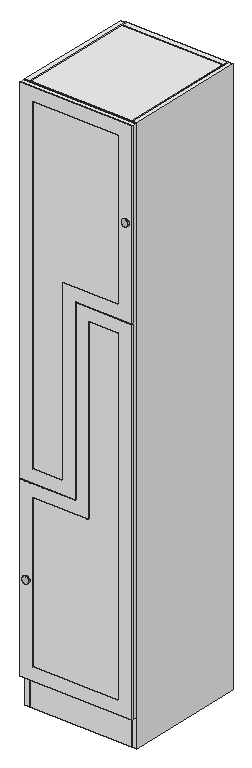
Revit family "Lockin Lockers AU_Custom Steel Locker_R22", category Furniture, Revit 2022
Family settings
  OmniClass Number = 23.40.20.27
  OmniClass Title = Storage Shelving
  Work Plane-Based = Yes
  Always vertical = Yes
  Cut with Voids When Loaded = No
  Render Appearance Source = Family Geometry
  Shared = Yes
  Room Calculation Point = No
Parameters (values of type "Custom Steel Wave door (CSL2)")
  vis_Door 8 = if(N_Doors > 7, 1 = 1, 1 = 0)  # no
  vis_Door 7 = if(N_Doors > 6, 1 = 1, 1 = 0)  # no
  vis_Door 6 = if(N_Doors > 5, 1 = 1, 1 = 0)  # no
  vis_Door 5 = if(N_Doors > 4, 1 = 1, 1 = 0)  # no
  vis_Door 4 = if(N_Doors > 3, 1 = 1, 1 = 0)  # no
  vis_Door 3 = if(N_Doors > 2, 1 = 1, 1 = 0)  # no
  vis_Door 2 = if(N_Doors > 1, 1 = 1, 1 = 0)  # no
  vis_Door 1 = if(N_Doors > 0, 1 = 1, 1 = 0)  # yes
  Width Control = if(Desired Width > Maximum Width, Maximum Width, if(Desired Width < Minimum Width, Minimum Width, Desired Width))  # 400 mm
  URL = "https://www.lockin.com.au/lockers/custom-steel-lockers/csl2-locker"
  TH Wall = 18 mm  # constant formula
  N_Doors = 1
  Locker Joint = 3 mm  # constant formula
  Height Control = if(Desired Height > Maximum Height, Maximum Height, if(Desired Height < Minimum Height, Minimum Height, Desired Height))  # 2000 mm
  Minimum Width = 300 mm  # constant formula
  Minimum Height = 400 mm  # constant formula
  Minimum Depth = 200 mm  # constant formula
  Maximum Width = 600 mm  # constant formula
  Maximum Height = 2000 mm  # constant formula
  Maximum Depth = 600 mm  # constant formula
  LH Door Swing [instance] = not(RH Door Swing)  # no
  Model = "CSL2"
  Manufacturer = "Lockin Lockers AU"  # constant formula
  RH Door Swing [instance] = yes
  H Locker = ((Height Control - Base Height Control) / (N_Doors)) - ((Locker Joint * (N_Doors - 1)) / N_Doors)  # 1900 mm
  Door Type = Lockin_Locker Door_Steel_R22 : Steel Locker/Wave
  Door Material = Material - Welded Steel - Oven-Baked Powdercoat
  Desired Base Height = 100 mm
  Description = "Custom Steel Wave door"
  Depth Control = if(Desired Depth > Maximum Depth, Maximum Depth, if(Desired Depth < Minimum Depth, Minimum Depth, Desired Depth))  # 450 mm
  Default Elevation = 0 mm  # constant formula
  Desired Height = 2100 mm
  Desired Depth = 450 mm
  Desired Width = 400 mm
  Body/Frame Material = Material - Welded Steel - Oven-Baked Powdercoat
  Minimum Base Height = 100 mm  # constant formula
  Maximum Base Height = 100 mm  # constant formula
  Base Height Control = if(Desired Base Height > Maximum Base Height, Maximum Base Height, if(Desired Base Height < Minimum Base Height, Minimum Base Height, Desired Base Height))  # 100 mm
  Assembly Code = ""
Types (8, lengths in mm): name | vis_Door 8 | vis_Door 7 | vis_Door 6 | vis_Door 5 | vis_Door 4 | vis_Door 3 | vis_Door 2 | URL | N_Doors | Model | H Locker | Door Type | Description
  (no name) | no | no | no | no | no | no | no | "https://www.lockin.com.au/lockers/custom-steel-lockers/csl2-locker" | 1 | "CSL2" | 1900 | Lockin_Locker Door_Steel_R22 : Steel Locker/Wave | "Custom Steel Wave door"
  Custom Steel 8 door (CS8) | yes | yes | yes | yes | yes | yes | yes | "https://www.lockin.com.au/lockers/custom-steel-lockers/cs8-locker" | 8 | "CS8" | 234.875 | Lockin_Locker Door_Steel_R22 : Steel Locker/Full Pattern | "Custom Steel 8 door"
  Custom Steel 3 door (CS3) | no | no | no | no | no | yes | yes | "https://www.lockin.com.au/lockers/custom-steel-lockers/cs3-locker" | 3 | "CS3" | 631.333 | Lockin_Locker Door_Steel_R22 : Steel Locker/Full Pattern | "Custom Steel 3 door"
  Custom Steel 4 door (CS4) | no | no | no | no | yes | yes | yes | "https://www.lockin.com.au/lockers/custom-steel-lockers/cs4-locker" | 4 | "CS4" | 472.75 | Lockin_Locker Door_Steel_R22 : Steel Locker/Full Pattern | "Custom Steel 4 door"
  Custom Steel 6 door (CS6) | no | no | yes | yes | yes | yes | yes | "https://www.lockin.com.au/lockers/custom-steel-lockers/cs6-locker" | 6 | "CS6" | 314.167 | Lockin_Locker Door_Steel_R22 : Steel Locker/Full Pattern | "Custom Steel 6 door"
  Custom Steel 2 door (CS2) | no | no | no | no | no | no | yes | "https://www.lockin.com.au/lockers/custom-steel-lockers/cs2-locker" | 2 | "CS2" | 948.5 | Lockin_Locker Door_Steel_R22 : Steel Locker/Split Pattern | "Custom Steel 2 door"
  Custom Steel 1 door (CS1) | no | no | no | no | no | no | no | "https://www.lockin.com.au/lockers/custom-steel-lockers/cs1-locker" | 1 | "CS1" | 1900 | Lockin_Locker Door_Steel_R22 : Steel Locker/Full Pattern | "Custom Steel 1 door"
  Custom Steel Wave door (CSL2) | no | no | no | no | no | no | no | "https://www.lockin.com.au/lockers/custom-steel-lockers/csl2-locker" | 1 | "CSL2" | 1900 | Lockin_Locker Door_Steel_R22 : Steel Locker/Wave | "Custom Steel Wave door"
Reference planes
  plane 1 "Back": y = -2057.4
  plane 2 "Bottom": z = 0
  plane 3 "Right": x = 271.334
  plane 4 "Left": x = -128.666
  plane 5 "Front": y = -2507.4
  plane 6 "Left Inside": x = -110.666
  plane 7 "Front Inside": y = -2488.4
  plane 8 "Right Inside": x = 253.334
  plane 9 "Back Inside": y = -2075.4
  plane 10 "4P": z = 18
  plane 11 "Center (Left/Right)": x = 71.334
  plane 12 "Front Base": y = -2457.4
  plane 13 "Back Base": y = -2439.4
  plane 14 "Left5": y = -2486.4
  plane 15 "Bottom Shelf 1": z = 1982
  plane 16 "Bottom Shelf 2": z = 3885
  plane 17 "H Locker": z = 2000
  plane 18 "Top Joint": z = 2003
  plane 19 "Floating Shelf Front": y = -2343.4
  plane 20 "Center (Front/Back)": y = -2282.4
  plane 21: z = 3903
  plane 22 "Top ref": z = 2000
  plane 23: z = 1982
  plane 24: z = 3906
  plane 25 "Bottom Shelf 33": z = 5788
  plane 26: z = 5806
  plane 27: z = 5809
  plane 28 "Bottom Shelf 34": z = 7691
  plane 29: z = 7709
  plane 30: z = 7712
  plane 31 "Bottom Shelf 35": z = 9594
  plane 32: z = 9612
  plane 33: z = 9615
  plane 34 "Bottom Shelf 36": z = 11497
  plane 35: z = 11515
  plane 36: z = 11518
  plane 37 "Bottom Shelf 37": z = 13400
  plane 38: z = 13418
  plane 39: z = 13421
  plane 40 "Bottom Shelf 38": z = 2021
  plane 41: z = 3924
  plane 42: z = 5827
  plane 43: z = 7730
  plane 44: z = 9633
  plane 45: z = 11536
  plane 46: z = 13439
  plane 47 "Bottom Shelf 39": z = 118
  plane 48 "Bottom Shelf 40": z = 100
  plane 49: y = -2468.4
Forms (mm)
  Extrusion 1, solid, material "Material - Welded Steel - Oven-Baked Powdercoat" <- "Body/Frame Material"
    sketch origin (0, -2257.4, -1725.6) x (1, 0, 0) y (0, 0, 1)
      loop
        line (-110.666, 1825.6) -> (253.334, 1825.6) -> (253.334, 1843.6) -> (-110.666, 1843.6) -> (-110.666, 1825.6)
    from -182 to 229
  Extrusion 2, solid, material "Material - Welded Steel - Oven-Baked Powdercoat" <- "Body/Frame Material"
    sketch origin (0, 0, 0) x (1, 0, 0) y (0, 1, 0)
      loop
        line (-128.666, -2057.4) -> (-128.666, -2486.4) -> (-110.666, -2486.4) -> (-110.666, -2057.4) -> (-128.666, -2057.4)
    from 0 to 2000
  Extrusion 3, solid, material "Material - Welded Steel - Oven-Baked Powdercoat" <- "Body/Frame Material"
    sketch origin (0, 0, 0) x (1, 0, 0) y (0, 1, 0)
      loop
        line (-110.666, -2057.4) -> (-110.666, -2075.4) -> (253.334, -2075.4) -> (253.334, -2057.4) -> (-110.666, -2057.4)
    from 0 to 2000
  Extrusion 4, solid, material "Material - Welded Steel - Oven-Baked Powdercoat" <- "Body/Frame Material"
    sketch origin (2266.95, 0, 0) x (1, 0, 0) y (0, 1, 0)
      loop
        line (-2013.616, -2057.4) -> (-2013.616, -2486.4) -> (-1995.616, -2486.4) -> (-1995.616, -2057.4) -> (-2013.616, -2057.4)
    from 0 to 2000
  Extrusion 5, solid, material "Material - Welded Steel - Oven-Baked Powdercoat" <- "Body/Frame Material"
    sketch origin (0, -2507.4, -183.6) x (1, 0, 0) y (0, 0, 1)
      loop
        line (-110.666, 2165.6) -> (253.334, 2165.6) -> (253.334, 2183.6) -> (-110.666, 2183.6) -> (-110.666, 2165.6)
    from -432 to -21
  Extrusion 6, solid, material "Material - Welded Steel - Oven-Baked Powdercoat" <- "Body/Frame Material", visible <- "vis_Door 2"
    sketch origin (0, -2257.4, -1475.225) x (1, 0, 0) y (0, 0, 1)
      loop
        line (-110.666, 3478.225) -> (253.334, 3478.225) -> (253.334, 3496.225) -> (-110.666, 3496.225) -> (-110.666, 3478.225)
    from -182 to 229
  Extrusion 7, solid, material "Material - Welded Steel - Oven-Baked Powdercoat" <- "Body/Frame Material", visible <- "vis_Door 3"
    sketch origin (0, -2257.4, -1224.85) x (1, 0, 0) y (0, 0, 1)
      loop
        line (-110.666, 5130.85) -> (253.334, 5130.85) -> (253.334, 5148.85) -> (-110.666, 5148.85) -> (-110.666, 5130.85)
    from -182 to 229
  Extrusion 8, solid, material "Material - Welded Steel - Oven-Baked Powdercoat" <- "Body/Frame Material", visible <- "vis_Door 4"
    sketch origin (0, -2257.4, -974.475) x (1, 0, 0) y (0, 0, 1)
      loop
        line (-110.666, 6783.475) -> (253.334, 6783.475) -> (253.334, 6801.475) -> (-110.666, 6801.475) -> (-110.666, 6783.475)
    from -182 to 229
  Extrusion 9, solid, material "Material - Welded Steel - Oven-Baked Powdercoat" <- "Body/Frame Material", visible <- "vis_Door 5"
    sketch origin (0, -2257.4, -724.1) x (1, 0, 0) y (0, 0, 1)
      loop
        line (-110.666, 8436.1) -> (253.334, 8436.1) -> (253.334, 8454.1) -> (-110.666, 8454.1) -> (-110.666, 8436.1)
    from -182 to 229
  Extrusion 10, solid, material "Material - Welded Steel - Oven-Baked Powdercoat" <- "Body/Frame Material", visible <- "vis_Door 6"
    sketch origin (0, -2257.4, -473.725) x (1, 0, 0) y (0, 0, 1)
      loop
        line (-110.666, 10088.725) -> (253.334, 10088.725) -> (253.334, 10106.725) -> (-110.666, 10106.725) -> (-110.666, 10088.725)
    from -182 to 229
  Extrusion 11, solid, material "Material - Welded Steel - Oven-Baked Powdercoat" <- "Body/Frame Material", visible <- "vis_Door 7"
    sketch origin (0, -2257.4, -223.35) x (1, 0, 0) y (0, 0, 1)
      loop
        line (-110.666, 11741.35) -> (253.334, 11741.35) -> (253.334, 11759.35) -> (-110.666, 11759.35) -> (-110.666, 11741.35)
    from -182 to 229
  Extrusion 12, solid, material "Material - Welded Steel - Oven-Baked Powdercoat" <- "Body/Frame Material", visible <- "vis_Door 8"
    sketch origin (0, -2257.4, 27.025) x (1, 0, 0) y (0, 0, 1)
      loop
        line (-110.666, 13393.975) -> (253.334, 13393.975) -> (253.334, 13411.975) -> (-110.666, 13411.975) -> (-110.666, 13393.975)
    from -182 to 229
  Extrusion 13, solid, material "Material - Welded Steel - Oven-Baked Powdercoat" <- "Body/Frame Material"
    sketch origin (0, 0, 0) x (1, 0, 0) y (0, 1, 0)
      loop
        line (-110.666, -2486.4) -> (253.334, -2486.4) -> (253.334, -2468.4) -> (-110.666, -2468.4) -> (-110.666, -2486.4)
    from 0 to 100
Dimensions and locks
  "Depth Control": plane 5 "Front" to plane 1 "Back"
  "TH Wall": plane 9 "Back Inside" to plane 1 "Back"
  "TH Wall": plane 4 "Left" to plane 6 "Left Inside"
  "TH Wall": plane 8 "Right Inside" to plane 3 "Right"
  "Width Control": plane 4 "Left" to plane 3 "Right"
  equal spacing: plane 4 "Left", plane 11 "Center (Left/Right)", plane 3 "Right"
  locked: plane 5 "Front" to plane 12 "Front Base" at 50
  locked: plane 12 "Front Base" to plane 13 "Back Base" at 18
  plane 5 "Front" to plane 7 "Front Inside" = 19 mm
  locked: plane 7 "Front Inside" to plane 14 "Left5" at 2
  "H Locker": plane 17 "H Locker" to plane 48 "Bottom Shelf 40"
  "Locker Joint": plane 18 "Top Joint" to plane 17 "H Locker"
  locked: plane 9 "Back Inside" to plane 19 "Floating Shelf Front" at 268
  equal spacing: plane 1 "Back", plane 20 "Center (Front/Back)", plane 5 "Front"
  "TH Wall": plane 17 "H Locker" to plane 15 "Bottom Shelf 1"
  "H Locker": plane 21 to plane 18 "Top Joint"
  "TH Wall": plane 21 to plane 16 "Bottom Shelf 2"
  "Height Control": plane 22 "Top ref" to level
  "TH Wall": plane 22 "Top ref" to plane 23
  "Locker Joint": plane 24 to plane 21
  "TH Wall": plane 26 to plane 25 "Bottom Shelf 33"
  "Locker Joint": plane 27 to plane 26
  "TH Wall": plane 29 to plane 28 "Bottom Shelf 34"
  "Locker Joint": plane 30 to plane 29
  "TH Wall": plane 32 to plane 31 "Bottom Shelf 35"
  "Locker Joint": plane 33 to plane 32
  "TH Wall": plane 35 to plane 34 "Bottom Shelf 36"
  "Locker Joint": plane 36 to plane 35
  "TH Wall": plane 38 to plane 37 "Bottom Shelf 37"
  "Locker Joint": plane 39 to plane 38
  "H Locker": plane 26 to plane 24
  "H Locker": plane 29 to plane 27
  "H Locker": plane 32 to plane 30
  "H Locker": plane 35 to plane 33
  "H Locker": plane 38 to plane 36
  "TH Wall": plane 40 "Bottom Shelf 38" to plane 18 "Top Joint"
  "TH Wall": plane 41 to plane 24
  "TH Wall": plane 42 to plane 27
  "TH Wall": plane 43 to plane 30
  "TH Wall": plane 44 to plane 33
  "TH Wall": plane 45 to plane 36
  "TH Wall": plane 46 to plane 39
  "Base Height Control": plane 48 "Bottom Shelf 40" to level
  "TH Wall": plane 47 "Bottom Shelf 39" to plane 48 "Bottom Shelf 40"
  "TH Wall": plane 14 "Left5" to plane 49
  aligned and locked: level to plane 2 "Bottom"
  aligned and locked: plane 6 "Left Inside" to Extrusion 1
  aligned and locked: plane 4 "Left" to Extrusion 2
  aligned and locked: Extrusion 2 to Extrusion 1
  aligned and locked: Extrusion 2 to plane 1 "Back"
  aligned and locked: Extrusion 3 to Extrusion 1
  aligned and locked: Extrusion 3 to plane 1 "Back"
  aligned and locked: plane 9 "Back Inside" to Extrusion 3
  aligned and locked: plane 3 "Right" to Extrusion 4
  aligned and locked: Extrusion 4 to plane 1 "Back"
  aligned and locked: plane 14 "Left5" to Extrusion 2
  aligned and locked: plane 14 "Left5" to Extrusion 4
  aligned and locked: Extrusion 5 to Extrusion 1  (x3)
  aligned and locked: plane 11 "Center (Left/Right)" to nested 1
  aligned and locked: plane 18 "Top Joint" to nested 2
  aligned and locked: Extrusion 3 to level
  aligned and locked: Extrusion 2 to level
  aligned and locked: Extrusion 4 to level
  aligned and locked: plane 22 "Top ref" to Extrusion 5
  aligned and locked: Extrusion 1 to plane 9 "Back Inside"
  aligned and locked: plane 22 "Top ref" to Extrusion 4
  aligned and locked: plane 22 "Top ref" to Extrusion 2
  aligned and locked: plane 22 "Top ref" to Extrusion 3
  aligned and locked: Extrusion 5 to Extrusion 2
  aligned and locked: Extrusion 5 to plane 23
  aligned and locked: plane 24 to nested 3
  aligned and locked: nested 2 to plane 11 "Center (Left/Right)"
  aligned and locked: nested 3 to plane 11 "Center (Left/Right)"
  aligned and locked: nested 4 to plane 11 "Center (Left/Right)"
  aligned and locked: nested 5 to plane 11 "Center (Left/Right)"
  aligned and locked: nested 6 to plane 11 "Center (Left/Right)"
  aligned and locked: nested 7 to plane 11 "Center (Left/Right)"
  aligned and locked: nested 8 to plane 11 "Center (Left/Right)"
  aligned and locked: plane 27 to nested 4
  aligned and locked: plane 30 to nested 5
  aligned and locked: plane 33 to nested 6
  aligned and locked: plane 36 to nested 7
  aligned and locked: plane 39 to nested 8
  aligned and locked: Extrusion 1 to plane 8 "Right Inside"
  aligned and locked: plane 14 "Left5" to Extrusion 1
  aligned and locked: plane 40 "Bottom Shelf 38" to Extrusion 6
  aligned and locked: Extrusion 6 to plane 18 "Top Joint"
  aligned and locked: Extrusion 6 to Extrusion 1  (x4)
  aligned and locked: plane 41 to Extrusion 7
  aligned and locked: Extrusion 7 to nested 3
  aligned and locked: plane 8 "Right Inside" to Extrusion 7
  aligned and locked: Extrusion 7 to Extrusion 1  (x3)
  aligned and locked: plane 42 to Extrusion 8
  aligned and locked: Extrusion 8 to nested 4
  aligned and locked: Extrusion 8 to Extrusion 1  (x4)
  aligned and locked: Extrusion 9 to nested 5
  aligned and locked: plane 43 to Extrusion 9
  aligned and locked: Extrusion 9 to Extrusion 1  (x4)
  aligned and locked: plane 44 to Extrusion 10
  aligned and locked: Extrusion 10 to nested 6
  aligned and locked: Extrusion 10 to Extrusion 1  (x4)
  aligned and locked: plane 45 to Extrusion 11
  aligned and locked: Extrusion 11 to nested 7
  aligned and locked: Extrusion 11 to Extrusion 1  (x4)
  aligned and locked: plane 46 to Extrusion 12
  aligned and locked: Extrusion 12 to nested 8
  aligned and locked: Extrusion 12 to Extrusion 1  (x4)
  aligned and locked: plane 48 "Bottom Shelf 40" to nested 1
  aligned and locked: plane 47 "Bottom Shelf 39" to Extrusion 1
  aligned and locked: Extrusion 1 to plane 48 "Bottom Shelf 40"
  aligned and locked: Extrusion 13 to Extrusion 1  (x3)
  aligned and locked: Extrusion 13 to plane 49
  aligned and locked: Extrusion 1 to Extrusion 13
  aligned and locked: Extrusion 13 to level
Automatic sketch dimensions
  plane 6 "Left Inside" to Extrusion 1 sketch curve = 0 mm
  plane 8 "Right Inside" to Extrusion 1 sketch curve = 0 mm
  level to Extrusion 1 sketch curve = 100 mm
  plane 10 "4P" to Extrusion 1 sketch curve = 100 mm
  Extrusion 2 sketch curve to plane 4 "Left" = 0 mm
  Extrusion 2 sketch curve to plane 6 "Left Inside" = 0 mm
  plane 14 "Left5" to Extrusion 2 sketch curve = 0 mm
  plane 1 "Back" to Extrusion 2 sketch curve = 0 mm
  Extrusion 3 sketch curve to plane 6 "Left Inside" = 0 mm
  Extrusion 3 sketch curve to plane 8 "Right Inside" = 0 mm
  plane 9 "Back Inside" to Extrusion 3 sketch curve = 0 mm
  plane 1 "Back" to Extrusion 3 sketch curve = 0 mm
  Extrusion 4 sketch curve to plane 8 "Right Inside" = 0 mm
  Extrusion 4 sketch curve to plane 3 "Right" = 0 mm
  plane 14 "Left5" to Extrusion 4 sketch curve = 0 mm
  plane 1 "Back" to Extrusion 4 sketch curve = 0 mm
  plane 6 "Left Inside" to Extrusion 5 sketch curve = 0 mm
  plane 8 "Right Inside" to Extrusion 5 sketch curve = 0 mm
  Extrusion 5 sketch curve to plane 23 = 0 mm
  Extrusion 5 sketch curve to plane 22 "Top ref" = 0 mm
  plane 6 "Left Inside" to Extrusion 6 sketch curve = 0 mm
  plane 8 "Right Inside" to Extrusion 6 sketch curve = 0 mm
  Extrusion 6 sketch curve to plane 18 "Top Joint" = 0 mm
  Extrusion 6 sketch curve to Extrusion 6 sketch curve = 18 mm
  plane 6 "Left Inside" to Extrusion 7 sketch curve = 0 mm
  plane 8 "Right Inside" to Extrusion 7 sketch curve = 0 mm
  Extrusion 7 sketch curve to plane 24 = 0 mm
  Extrusion 7 sketch curve to Extrusion 7 sketch curve = 18 mm
  plane 6 "Left Inside" to Extrusion 8 sketch curve = 0 mm
  plane 8 "Right Inside" to Extrusion 8 sketch curve = 0 mm
  Extrusion 8 sketch curve to plane 27 = 0 mm
  Extrusion 8 sketch curve to Extrusion 8 sketch curve = 18 mm
  plane 6 "Left Inside" to Extrusion 9 sketch curve = 0 mm
  plane 8 "Right Inside" to Extrusion 9 sketch curve = 0 mm
  Extrusion 9 sketch curve to plane 30 = 0 mm
  Extrusion 9 sketch curve to Extrusion 9 sketch curve = 18 mm
  plane 6 "Left Inside" to Extrusion 10 sketch curve = 0 mm
  plane 8 "Right Inside" to Extrusion 10 sketch curve = 0 mm
  Extrusion 10 sketch curve to plane 33 = 0 mm
  Extrusion 10 sketch curve to Extrusion 10 sketch curve = 18 mm
  plane 6 "Left Inside" to Extrusion 11 sketch curve = 0 mm
  plane 8 "Right Inside" to Extrusion 11 sketch curve = 0 mm
  Extrusion 11 sketch curve to plane 36 = 0 mm
  Extrusion 11 sketch curve to Extrusion 11 sketch curve = 18 mm
  plane 6 "Left Inside" to Extrusion 12 sketch curve = 0 mm
  plane 8 "Right Inside" to Extrusion 12 sketch curve = 0 mm
  Extrusion 12 sketch curve to plane 39 = 0 mm
  plane 39 to Extrusion 12 sketch curve = 18 mm
  Extrusion 13 sketch curve to plane 6 "Left Inside" = 0 mm
  Extrusion 13 sketch curve to plane 8 "Right Inside" = 0 mm
  plane 14 "Left5" to Extrusion 13 sketch curve = 0 mm
  plane 49 to Extrusion 13 sketch curve = 0 mm
Nested families
  nested 1: "Lockin_Locker Door_Steel_R22" at (20, -431, 100), W Locker <- "Width Control", H Locker <- "H Locker", Locker Material <- "Door Material", type <- "Door Type", LH <- "LH Door Swing", RH <- "RH Door Swing", visible <- "vis_Door 1", type "Steel Locker/Wave"
    with Wave RH yes, Wave LH no, W Locker 400 mm, Standard RH no, Standard LH no, RH yes, Locker Material Material - Welded Steel - Oven-Baked Powdercoat, LH no, H Locker 1900 mm
  nested 2: "Lockin_Locker Door_Steel_R22" at (20, -431, 2003), W Locker <- "Width Control", H Locker <- "H Locker", Locker Material <- "Door Material", type <- "Door Type", LH <- "LH Door Swing", RH <- "RH Door Swing", visible <- "vis_Door 2", type "Steel Locker/Wave"
    with Wave RH yes, Wave LH no, W Locker 400 mm, Standard RH no, Standard LH no, RH yes, Locker Material Material - Welded Steel - Oven-Baked Powdercoat, LH no, H Locker 1900 mm
  nested 3: "Lockin_Locker Door_Steel_R22" at (20, -431, 3906), W Locker <- "Width Control", H Locker <- "H Locker", Locker Material <- "Door Material", type <- "Door Type", LH <- "LH Door Swing", RH <- "RH Door Swing", visible <- "vis_Door 3", type "Steel Locker/Wave"
    with Wave RH yes, Wave LH no, W Locker 400 mm, Standard RH no, Standard LH no, RH yes, Locker Material Material - Welded Steel - Oven-Baked Powdercoat, LH no, H Locker 1900 mm
  nested 4: "Lockin_Locker Door_Steel_R22" at (20, -431, 5809), W Locker <- "Width Control", H Locker <- "H Locker", Locker Material <- "Door Material", type <- "Door Type", LH <- "LH Door Swing", RH <- "RH Door Swing", visible <- "vis_Door 4", type "Steel Locker/Wave"
    with Wave RH yes, Wave LH no, W Locker 400 mm, Standard RH no, Standard LH no, RH yes, Locker Material Material - Welded Steel - Oven-Baked Powdercoat, LH no, H Locker 1900 mm
  nested 5: "Lockin_Locker Door_Steel_R22" at (20, -431, 7712), W Locker <- "Width Control", H Locker <- "H Locker", Locker Material <- "Door Material", type <- "Door Type", LH <- "LH Door Swing", RH <- "RH Door Swing", visible <- "vis_Door 5", type "Steel Locker/Wave"
    with Wave RH yes, Wave LH no, W Locker 400 mm, Standard RH no, Standard LH no, RH yes, Locker Material Material - Welded Steel - Oven-Baked Powdercoat, LH no, H Locker 1900 mm
  nested 6: "Lockin_Locker Door_Steel_R22" at (20, -431, 9615), W Locker <- "Width Control", H Locker <- "H Locker", Locker Material <- "Door Material", type <- "Door Type", LH <- "LH Door Swing", RH <- "RH Door Swing", visible <- "vis_Door 6", type "Steel Locker/Wave"
    with Wave RH yes, Wave LH no, W Locker 400 mm, Standard RH no, Standard LH no, RH yes, Locker Material Material - Welded Steel - Oven-Baked Powdercoat, LH no, H Locker 1900 mm
  nested 7: "Lockin_Locker Door_Steel_R22" at (20, -431, 11518), W Locker <- "Width Control", H Locker <- "H Locker", Locker Material <- "Door Material", type <- "Door Type", LH <- "LH Door Swing", RH <- "RH Door Swing", visible <- "vis_Door 7", type "Steel Locker/Wave"
    with Wave RH yes, Wave LH no, W Locker 400 mm, Standard RH no, Standard LH no, RH yes, Locker Material Material - Welded Steel - Oven-Baked Powdercoat, LH no, H Locker 1900 mm
  nested 8: "Lockin_Locker Door_Steel_R22" at (20, -431, 13421), W Locker <- "Width Control", H Locker <- "H Locker", Locker Material <- "Door Material", type <- "Door Type", LH <- "LH Door Swing", RH <- "RH Door Swing", visible <- "vis_Door 8", type "Steel Locker/Wave"
    with Wave RH yes, Wave LH no, W Locker 400 mm, Standard RH no, Standard LH no, RH yes, Locker Material Material - Welded Steel - Oven-Baked Powdercoat, LH no, H Locker 1900 mm
Definition of nested family "Lockin_Locker Door_Steel_R22"
  Parameters (values of type "Steel Locker/Full Pattern")
    Wave RH [instance] = if(and(Wave Pattern, RH), 1 = 1, 1 = 0)  # no
    Wave Pattern = no
    Wave LH [instance] = if(and(Wave Pattern, LH), 1 = 1, 1 = 0)  # no
    W Locker [instance] = 457.2 mm
    URL = ""
    TH Locker = 18.999 mm  # constant formula
    Standard RH [instance] = if(and(not(Wave Pattern), RH), 1 = 1, 1 = 0)  # yes
    Standard LH [instance] = if(and(not(Wave Pattern), LH), 1 = 1, 1 = 0)  # no
    Split Pattern = no
    Spacing Holes = 15 mm  # constant formula
    Offset Pattern = 45 mm  # constant formula
    Full Pattern = yes
    RH [instance] = yes
    Model = ""
    Manufacturer = "Lockin Lockers"  # constant formula
    LH [instance] = no
    H Locker [instance] = 1270 mm
    Description = ""
    Locker Material [instance] = none
    Default Elevation = 0 mm  # constant formula
  Types (3, lengths in mm): name | Wave Pattern | Wave LH | Standard RH | Split Pattern | Full Pattern | RH | LH
    Steel Locker/Full Pattern | no | no | yes | no | yes | yes | no
    Steel Locker/Split Pattern | no | no | yes | yes | no | yes | no
    Steel Locker/Wave | yes | yes | no | no | no | no | yes
  Reference planes
    plane 1 "Back": y = -2057.4
    plane 2 "Bottom": z = 0
    plane 3 "Left": x = 308.534
    plane 4 "Right": x = -148.666
    plane 5 "Top": z = 1270
    plane 6 "Front": y = -2076.399
    plane 7 "W Lock LH": x = -126.166
    plane 8 "H Lock": z = 635
    plane 9 "W Lock RH": x = 286.034
    plane 10: z = 846.667
    plane 11: z = 423.333
    plane 12 "Center (Left/Right)": x = 79.934
    plane 13: z = 45
    plane 14: z = 1225
    plane 15: y = -2073.399
    plane 16: y = -2079.399
    plane 17: x = -103.666
    plane 18: z = 680
    plane 19: z = 590
    plane 20: x = 263.534
    plane 21: y = -2074.899
    plane 22: x = 124.934
    plane 23: x = 34.934
    plane 24: z = 468.333
    plane 25: z = 378.333
    plane 26: z = 801.667
    plane 27: z = 891.667
  Forms (mm)
    Sweep 1, solid, material <- "Locker Material"
      path in 3D
        loop
          line (308.534, -2057.4, 1270) -> (308.534, -2057.4, 0) -> (-148.666, -2057.4, 0) -> (-148.666, -2057.4, 1270) -> (308.534, -2057.4, 1270)
      profile origin (79.934, -2057.4, 1270) x (0, 0, 1) y (0, -1, 0)
        loop
          line (0, 0) -> (0, 15.999) -> (-3, 15.999) -> (-3, 3) -> (-18, 3) -> (-18, 0) -> (0, 0)
    Extrusion 2, solid, material <- "Locker Material", visible <- "Full Pattern"
      sketch origin (0, -2057.4, 0) x (1, 0, 0) y (0, 0, 1)
        loop
          line (-148.666, 1270) -> (-148.666, 0) -> (308.534, 0) -> (308.534, 1270) -> (-148.666, 1270)
        loop
          line (-103.666, 1225) -> (-103.666, 45) -> (263.534, 45) -> (263.534, 1225) -> (-103.666, 1225)
      from 15.999 to 18.999
    Extrusion 3, solid, visible <- "Standard LH"
      sketch origin (0, -2057.4, 0) x (1, 0, 0) y (0, 0, 1)
        loop
          circle (-126.166, 635) r 12
      from 18.999 to 21.999
    Extrusion 4, solid, visible <- "Standard RH"
      sketch origin (159.867, -2057.4, 0) x (-1, 0, 0) y (0, 0, -1)
        loop
          circle (-126.166, -635) r 12
      from 18.999 to 21.999
    Extrusion 5, void, not visible
      sketch origin (-7.5, -2057.4, -7.5) x (1, 0, 0) y (0, 0, 1)
        loop
          circle (-107.566, 35) r 1.5
      from 15.999 to 18.999
    Extrusion 6, solid, material <- "Locker Material", visible <- "Full Pattern"
      sketch origin (0, -2057.4, 0) x (1, 0, 0) y (0, 0, 1)
        loop
          line (-103.666, 1225) -> (-103.666, 45) -> (263.534, 45) -> (263.534, 1225) -> (-103.666, 1225)
      from 15.999 to 17.499
    Extrusion 7, solid, material <- "Locker Material", visible <- "Split Pattern"
      sketch origin (0, -2057.4, 0) x (1, 0, 0) y (0, 0, 1)
        loop
          line (-148.666, 1270) -> (-148.666, 0) -> (308.534, 0) -> (308.534, 1270) -> (-148.666, 1270)
        loop
          line (-103.666, 1225) -> (-103.666, 680) -> (263.534, 680) -> (263.534, 1225) -> (-103.666, 1225)
        loop
          line (263.534, 590) -> (-103.666, 590) -> (-103.666, 45) -> (263.534, 45) -> (263.534, 590)
      from 15.999 to 18.999
    Extrusion 8, solid, material <- "Locker Material", visible <- "Split Pattern"
      sketch origin (0, -2057.4, 0) x (1, 0, 0) y (0, 0, 1)
        loop
          line (-103.666, 1225) -> (-103.666, 680) -> (263.534, 680) -> (263.534, 1225) -> (-103.666, 1225)
        loop
          line (263.534, 590) -> (-103.666, 590) -> (-103.666, 45) -> (263.534, 45) -> (263.534, 590)
      from 15.999 to 17.499
    Extrusion 9, solid, material <- "Locker Material", visible <- "Wave LH"
      sketch origin (0, -2057.4, 0) x (1, 0, 0) y (0, 0, 1)
        loop
          line (-148.666, 1270) -> (-148.666, 848.167) -> (81.434, 848.167) -> (81.434, 424.833) -> (308.534, 424.833) -> (308.534, 1270) -> (-148.666, 1270)
        loop
          line (-148.666, 0) -> (308.534, 0) -> (308.534, 421.833) -> (78.434, 421.833) -> (78.434, 845.167) -> (-148.666, 845.167) -> (-148.666, 0)
        loop
          line (-103.666, 1225) -> (-103.666, 891.667) -> (124.934, 891.667) -> (124.934, 468.333) -> (263.534, 468.333) -> (263.534, 1225) -> (-103.666, 1225)
        loop
          line (34.934, 801.667) -> (-103.666, 801.667) -> (-103.666, 45) -> (263.534, 45) -> (263.534, 378.333) -> (34.934, 378.333) -> (34.934, 801.667)
      from 15.999 to 18.999
    Extrusion 10, solid, material <- "Locker Material", visible <- "Wave RH"
      sketch origin (0, -2057.4, 0) x (1, 0, 0) y (0, 0, 1)
        loop
          line (-148.666, 1270) -> (-148.666, 424.833) -> (78.434, 424.833) -> (78.434, 848.167) -> (308.534, 848.167) -> (308.534, 1270) -> (-148.666, 1270)
        loop
          line (-148.666, 0) -> (308.534, 0) -> (308.534, 845.167) -> (81.434, 845.167) -> (81.434, 421.833) -> (-148.666, 421.833) -> (-148.666, 0)
        loop
          line (34.934, 468.333) -> (34.934, 891.667) -> (263.534, 891.667) -> (263.534, 1225) -> (-103.666, 1225) -> (-103.666, 468.333) -> (34.934, 468.333)
        loop
          line (124.934, 801.667) -> (124.934, 378.333) -> (-103.666, 378.333) -> (-103.666, 45) -> (263.534, 45) -> (263.534, 801.667) -> (124.934, 801.667)
      from 15.999 to 18.999
    Extrusion 11, solid, material <- "Locker Material", visible <- "Wave LH"
      sketch origin (0, -2057.4, 0) x (1, 0, 0) y (0, 0, 1)
        loop
          line (-103.666, 891.667) -> (124.934, 891.667) -> (124.934, 468.333) -> (263.534, 468.333) -> (263.534, 1225) -> (-103.666, 1225) -> (-103.666, 891.667)
        loop
          line (34.934, 801.667) -> (-103.666, 801.667) -> (-103.666, 45) -> (263.534, 45) -> (263.534, 378.333) -> (34.934, 378.333) -> (34.934, 801.667)
      from 15.999 to 17.499
    Extrusion 12, solid, material <- "Locker Material", visible <- "Wave RH"
      sketch origin (0, -2057.4, 0) x (1, 0, 0) y (0, 0, 1)
        loop
          line (263.534, 1225) -> (-103.666, 1225) -> (-103.666, 468.333) -> (34.934, 468.333) -> (34.934, 891.667) -> (263.534, 891.667) -> (263.534, 1225)
        loop
          line (263.534, 801.667) -> (124.934, 801.667) -> (124.934, 378.333) -> (-103.666, 378.333) -> (-103.666, 45) -> (263.534, 45) -> (263.534, 801.667)
      from 15.999 to 17.499
    Extrusion 13, solid, visible <- "Wave LH"
      sketch origin (0, -2057.4, 440) x (1, 0, 0) y (0, 0, 1)
        loop
          circle (-126.166, 618.333) r 12
      from 18.999 to 21.999
    Extrusion 14, solid, visible <- "Wave LH"
      sketch origin (416.7, -2057.4, -442.071) x (1, 0, 0) y (0, 0, 1)
        loop
          circle (-130.666, 653.738) r 12
      from 18.999 to 21.999
    Extrusion 15, solid, visible <- "Wave RH"
      sketch origin (159.867, -2057.4, 440) x (-1, 0, 0) y (0, 0, -1)
        loop
          circle (-126.166, -618.333) r 12
      from 18.999 to 21.999
    Extrusion 16, solid, visible <- "Wave RH"
      sketch origin (-256.833, -2057.4, -442.071) x (-1, 0, 0) y (0, 0, -1)
        loop
          circle (-130.666, -653.738) r 12
      from 18.999 to 21.999
  Cuts and joins
    joined: Extrusion 7, Extrusion 8
  Lines and regions (mm)
    reference lines
      curve 1: line (-148.666, -2057.4, 1270) -> (308.534, -2057.4, 1270)
      curve 2: line (-148.666, -2057.4, 0) -> (-148.666, -2057.4, 1270)
      curve 3: line (308.534, -2057.4, 0) -> (-148.666, -2057.4, 0)
      curve 4: line (308.534, -2057.4, 1270) -> (308.534, -2057.4, 0)
    sketch lines
      curve 5: line (-148.666, -2057.4, 1270) -> (308.534, -2057.4, 1270)
      curve 6: line (-148.666, -2057.4, 0) -> (-148.666, -2057.4, 1270)
      curve 7: line (308.534, -2057.4, 1270) -> (308.534, -2057.4, 0)
      curve 8: line (308.534, -2057.4, 0) -> (-148.666, -2057.4, 0)
  Dimensions and locks
    "W Locker": plane 4 "Right" to plane 3 "Left"
    "TH Locker": plane 6 "Front" to plane 1 "Back"
    "H Locker": plane 5 "Top" to level
    equal spacing: plane 4 "Right", plane 7 "W Lock LH", plane 17
    equal spacing: plane 3 "Left", plane 9 "W Lock RH", plane 20
    equal spacing: plane 5 "Top", plane 8 "H Lock", level
    equal spacing: plane 4 "Right", plane 12 "Center (Left/Right)", plane 3 "Left"
    locked: Sweep 1 sketch curve to plane 6 "Front" at 3
    locked: Sweep 1 sketch curve to profile plane at 18
    locked: Sweep 1 sketch curve to profile plane at 3
    locked: profile plane to Sweep 1 sketch curve at 3
    plane 15 to plane 6 "Front" to plane 16 = 3 mm locked, 3 mm locked
    locked: plane 7 "W Lock LH" to Extrusion 3 sketch curve
    locked: plane 8 "H Lock" to Extrusion 3 sketch curve
    locked: plane 9 "W Lock RH" to Extrusion 4 sketch curve
    locked: plane 8 "H Lock" to Extrusion 4 sketch curve
    "Offset Pattern": plane 13 to level
    "Offset Pattern": plane 5 "Top" to plane 14
    "Offset Pattern": plane 17 to plane 4 "Right"
    "Offset Pattern": plane 18 to plane 8 "H Lock"
    "Offset Pattern": plane 8 "H Lock" to plane 19
    "Offset Pattern": plane 20 to plane 3 "Left"
    locked: plane 15 to plane 21 at 1.5
    equal spacing: plane 5 "Top", plane 10, plane 11, level
    Extrusion 9 sketch curve to plane 11 to Extrusion 9 sketch curve = 1.5 mm locked, 1.5 mm locked
    Extrusion 9 sketch curve to plane 12 "Center (Left/Right)" to Extrusion 9 sketch curve = 1.5 mm locked, 1.5 mm locked
    Extrusion 9 sketch curve to plane 10 to Extrusion 9 sketch curve = 1.5 mm locked, 1.5 mm locked
    "Offset Pattern": plane 23 to plane 12 "Center (Left/Right)"
    "Offset Pattern": plane 12 "Center (Left/Right)" to plane 22
    "Offset Pattern": plane 27 to plane 10
    "Offset Pattern": plane 10 to plane 26
    "Offset Pattern": plane 24 to plane 11
    "Offset Pattern": plane 11 to plane 25
    Extrusion 10 sketch curve to plane 10 to Extrusion 10 sketch curve = 1.5 mm locked, 1.5 mm locked
    Extrusion 10 sketch curve to plane 12 "Center (Left/Right)" to Extrusion 10 sketch curve = 1.5 mm locked, 1.5 mm locked
    Extrusion 10 sketch curve to plane 11 to Extrusion 10 sketch curve = 1.5 mm locked, 1.5 mm locked
    equal spacing: plane 14, Extrusion 13 sketch curve, plane 27
    equal spacing: plane 25, Extrusion 14 sketch curve, plane 13
    equal spacing: plane 14, Extrusion 15 sketch curve, plane 27
    equal spacing: plane 25, Extrusion 16 sketch curve, plane 13
    aligned and locked: level to plane 2 "Bottom"
    aligned and locked: curve 2 to plane 4 "Right"
    aligned and locked: curve 1 to plane 5 "Top"
    aligned and locked: curve 4 to plane 3 "Left"
    aligned and locked: level to curve 3
    aligned and locked: Extrusion 2 to level
    aligned and locked: plane 3 "Left" to Extrusion 2
    aligned and locked: plane 4 "Right" to Extrusion 2
    aligned and locked: plane 5 "Top" to Extrusion 2
    aligned and locked: plane 6 "Front" to Extrusion 2
    aligned and locked: Extrusion 2 to Sweep 1
    aligned and locked: Extrusion 4 to plane 6 "Front"
    aligned and locked: Extrusion 3 to plane 6 "Front"
    aligned and locked: plane 16 to Extrusion 3
    aligned and locked: Extrusion 4 to Extrusion 3
    aligned and locked: plane 13 to Extrusion 2 sketch curve
    aligned and locked: plane 20 to Extrusion 2 sketch curve
    aligned and locked: plane 17 to Extrusion 2 sketch curve
    aligned and locked: Extrusion 2 sketch curve to plane 14
    aligned and locked: plane 17 to Extrusion 6 sketch curve
    aligned and locked: plane 13 to Extrusion 6 sketch curve
    aligned and locked: plane 20 to Extrusion 6 sketch curve
    aligned and locked: Extrusion 6 sketch curve to plane 14
    aligned and locked: Extrusion 6 to plane 15
    aligned and locked: plane 21 to Extrusion 6
    aligned and locked: Extrusion 7 sketch curve to plane 3 "Left"
    aligned and locked: level to Extrusion 7 sketch curve
    aligned and locked: Extrusion 7 sketch curve to plane 4 "Right"
    aligned and locked: Extrusion 7 sketch curve to plane 5 "Top"
    aligned and locked: plane 19 to Extrusion 7 sketch curve
    aligned and locked: Extrusion 7 sketch curve to plane 20
    aligned and locked: Extrusion 7 sketch curve to plane 13
    aligned and locked: Extrusion 7 sketch curve to plane 17
    aligned and locked: plane 17 to Extrusion 7 sketch curve
    aligned and locked: plane 20 to Extrusion 7 sketch curve
    aligned and locked: plane 18 to Extrusion 7 sketch curve
    aligned and locked: Extrusion 7 sketch curve to plane 14
    aligned and locked: Extrusion 7 to Sweep 1
    aligned and locked: plane 6 "Front" to Extrusion 7
    aligned and locked: Extrusion 8 sketch curve to plane 14
    aligned and locked: plane 17 to Extrusion 8 sketch curve
    aligned and locked: plane 20 to Extrusion 8 sketch curve
    aligned and locked: plane 18 to Extrusion 8 sketch curve
    aligned and locked: plane 19 to Extrusion 8 sketch curve
    aligned and locked: Extrusion 8 sketch curve to plane 17
    aligned and locked: Extrusion 8 sketch curve to plane 20
    aligned and locked: Extrusion 8 sketch curve to plane 13
    aligned and locked: Extrusion 8 to Sweep 1
    aligned and locked: Extrusion 8 to Extrusion 6
    aligned and locked: Extrusion 9 sketch curve to plane 3 "Left"
    aligned and locked: level to Extrusion 9 sketch curve
    aligned and locked: Extrusion 9 sketch curve to plane 5 "Top"
    aligned and locked: Extrusion 9 sketch curve to plane 4 "Right"
    aligned and locked: Extrusion 9 to Sweep 1
    aligned and locked: plane 6 "Front" to Extrusion 9
    aligned and locked: plane 17 to Extrusion 9 sketch curve
    aligned and locked: Extrusion 9 sketch curve to plane 14
    aligned and locked: plane 20 to Extrusion 9 sketch curve
    aligned and locked: plane 27 to Extrusion 9 sketch curve
    aligned and locked: Extrusion 9 sketch curve to plane 22
    aligned and locked: plane 24 to Extrusion 9 sketch curve
    aligned and locked: plane 26 to Extrusion 9 sketch curve
    aligned and locked: Extrusion 9 sketch curve to plane 17
    aligned and locked: Extrusion 9 sketch curve to plane 23
    aligned and locked: plane 25 to Extrusion 9 sketch curve
    aligned and locked: Extrusion 9 sketch curve to plane 20
    aligned and locked: Extrusion 9 sketch curve to plane 13
    aligned and locked: level to Extrusion 10 sketch curve
    aligned and locked: Extrusion 10 sketch curve to plane 3 "Left"
    aligned and locked: Extrusion 10 sketch curve to plane 4 "Right"
    aligned and locked: Extrusion 10 sketch curve to plane 5 "Top"
    aligned and locked: Extrusion 10 to Sweep 1
    aligned and locked: plane 6 "Front" to Extrusion 10
    aligned and locked: plane 24 to Extrusion 10 sketch curve
    aligned and locked: plane 17 to Extrusion 10 sketch curve  (x2)
    aligned and locked: Extrusion 10 sketch curve to plane 23
    aligned and locked: Extrusion 10 sketch curve to plane 27
    aligned and locked: Extrusion 10 sketch curve to plane 20
    aligned and locked: Extrusion 10 sketch curve to plane 14
    aligned and locked: Extrusion 10 sketch curve to plane 26
    aligned and locked: Extrusion 10 sketch curve to plane 22
    aligned and locked: plane 20 to Extrusion 10 sketch curve
    aligned and locked: Extrusion 10 sketch curve to plane 25
    aligned and locked: plane 13 to Extrusion 10 sketch curve
    aligned and locked: plane 26 to Extrusion 11 sketch curve
    aligned and locked: Extrusion 11 sketch curve to plane 17
    aligned and locked: Extrusion 11 sketch curve to plane 23
    aligned and locked: plane 25 to Extrusion 11 sketch curve
    aligned and locked: Extrusion 11 sketch curve to plane 20
    aligned and locked: Extrusion 11 sketch curve to plane 13
    aligned and locked: plane 24 to Extrusion 11 sketch curve
    aligned and locked: Extrusion 11 sketch curve to plane 22
    aligned and locked: plane 20 to Extrusion 11 sketch curve
    aligned and locked: plane 27 to Extrusion 11 sketch curve
    aligned and locked: plane 17 to Extrusion 11 sketch curve
    aligned and locked: Extrusion 11 sketch curve to plane 14
    aligned and locked: Extrusion 11 to Sweep 1
    aligned and locked: Extrusion 11 to Extrusion 6
    aligned and locked: Extrusion 12 sketch curve to plane 24
    aligned and locked: Extrusion 12 sketch curve to plane 17  (x2)
    aligned and locked: Extrusion 12 sketch curve to plane 23
    aligned and locked: Extrusion 12 sketch curve to plane 27
    aligned and locked: Extrusion 12 sketch curve to plane 20  (x2)
    aligned and locked: plane 14 to Extrusion 12 sketch curve
    aligned and locked: plane 26 to Extrusion 12 sketch curve
    aligned and locked: plane 22 to Extrusion 12 sketch curve
    aligned and locked: plane 25 to Extrusion 12 sketch curve
    aligned and locked: Extrusion 12 sketch curve to plane 13
    aligned and locked: Extrusion 12 to Sweep 1
    aligned and locked: Extrusion 12 to Extrusion 6
    aligned and locked: plane 7 "W Lock LH" to Extrusion 13 sketch curve
    aligned and locked: plane 16 to Extrusion 13
    aligned and locked: Extrusion 13 to plane 6 "Front"
    aligned and locked: plane 9 "W Lock RH" to Extrusion 14 sketch curve
    aligned and locked: Extrusion 14 to plane 6 "Front"
    aligned and locked: plane 16 to Extrusion 14
    aligned and locked: plane 9 "W Lock RH" to Extrusion 15 sketch curve
    aligned and locked: Extrusion 15 to plane 6 "Front"
    aligned and locked: plane 16 to Extrusion 15
    aligned and locked: plane 7 "W Lock LH" to Extrusion 16 sketch curve
    aligned and locked: Extrusion 16 to plane 6 "Front"
    aligned and locked: plane 16 to Extrusion 16
  Automatic sketch dimensions
    profile plane to Sweep 1 sketch curve = 0 mm
    Sweep 1 sketch curve to profile plane = 0 mm
    Extrusion 2 sketch curve to level = 0 mm
    plane 4 "Right" to Extrusion 2 sketch curve = 0 mm
    Extrusion 2 sketch curve to plane 3 "Left" = 0 mm
    Extrusion 2 sketch curve to plane 5 "Top" = 0 mm
    plane 4 "Right" to Extrusion 9 sketch curve = 0 mm
    Extrusion 9 sketch curve to plane 3 "Left" = 0 mm
    plane 4 "Right" to Extrusion 10 sketch curve = 0 mm
    Extrusion 10 sketch curve to plane 3 "Left" = 0 mm
    radius of Extrusion 5 sketch curve = 1.5 mm
    radius of Extrusion 3 sketch curve = 12 mm
    radius of Extrusion 4 sketch curve = 12 mm
    radius of Extrusion 13 sketch curve = 12 mm
    radius of Extrusion 14 sketch curve = 12 mm
    radius of Extrusion 15 sketch curve = 12 mm
    radius of Extrusion 16 sketch curve = 12 mm
